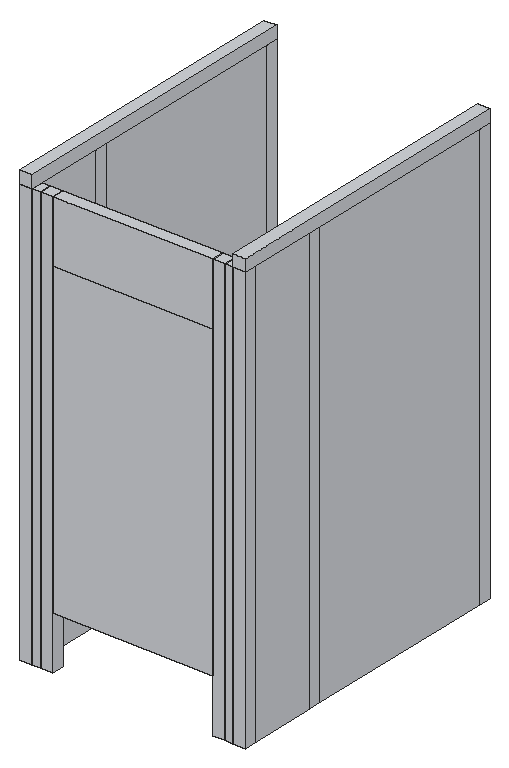
Revit family "TLWM Standard", category Specialty Equipment, Revit 2016
Family settings
  Part Type = Normal
  Round Connector Dimension = Use Diameter
  Work Plane-Based = No
  Always vertical = Yes
  Cut with Voids When Loaded = No
  Shared = No
  Room Calculation Point = No
Parameters
  Tall Version 108 [instance] = no
  System Height [instance] = if((Tall Version 108), 9' 0", 8' 0")  # 8' - 0"
  Starter [instance] = yes
  Short Version 96 [instance] = not(Tall Version 108)  # yes
  Flip Door Swing [instance] = no
Reference planes (in)
  plane 1 "Center (Front/Back)": y = 0
  plane 2: z = 0
  plane 3 "Center (Left/Right)": x = 0
  plane 4: y = 18
  plane 5: z = 96
  plane 6: x = -48
  plane 7: y = 66
Dimensions and locks (in)
  "System Height": plane 5 to plane 2
  plane 1 "Center (Front/Back)" to plane 4 to plane 7 = 1' - 6", 4' - 0"
  aligned and locked: level to plane 2
  aligned and locked: nested 2 to nested 3
  aligned and locked: nested 2 to plane 3 "Center (Left/Right)"
  aligned and locked: nested 3 to nested 2
  aligned and locked: nested 3 to plane 4
  aligned and locked: level to nested 2
  aligned and locked: nested 1 to level
  aligned and locked: nested 1 to plane 2
  aligned and locked: plane 2 to nested 3
  aligned and locked: nested 6 to nested 7
  aligned and locked: nested 7 to nested 6
  aligned and locked: level to nested 6
  aligned and locked: nested 5 to level
  aligned and locked: nested 7 to plane 4
  aligned and locked: nested 6 to plane 1 "Center (Front/Back)"
  aligned and locked: nested 6 to plane 6
  aligned and locked: plane 6 to nested 5
  aligned and locked: plane 3 "Center (Left/Right)" to nested 1
  aligned and locked: nested 2 to plane 1 "Center (Front/Back)"
  aligned and locked: nested 8 to nested 9
  aligned and locked: nested 9 to nested 8
  aligned and locked: level to nested 8
  aligned and locked: plane 7 to nested 9
  aligned and locked: nested 8 to plane 4
  aligned and locked: nested 10 to nested 11
  aligned and locked: nested 11 to nested 10
  aligned and locked: level to nested 10
  aligned and locked: plane 7 to nested 11
  aligned and locked: plane 7 to nested 8
  aligned and locked: nested 10 to plane 4
  aligned and locked: nested 10 to plane 6
  aligned and locked: plane 1 "Center (Front/Back)" to nested 12
  aligned and locked: nested 12 to plane 7
  aligned and locked: plane 3 "Center (Left/Right)" to nested 12
  aligned and locked: nested 13 to plane 7
  aligned and locked: plane 1 "Center (Front/Back)" to nested 13
  aligned and locked: plane 6 to nested 13
  aligned and locked: nested 4 to plane 6
Nested families (in)
  nested 1: "FRV2U Posts" at (0, 0, 0), Post Height <- "System Height", type "FRV2U Posts"
    with Post Height 8' - 0"
  nested 2: "FRV2P Panels" at (0, 0, 0) x (0, -1, 0) z (0, 0, 1), Panel Height <- "System Height", type "FRV2P Panels"
    with Panel Width 1' - 6", Panel Height 8' - 0"
  nested 3: "FRV2U Posts" at (0, 18, 0) x (0, -1, 0) z (0, 0, 1), Post Height <- "System Height", type "FRV2U Posts"
    with Post Height 8' - 0"
  nested 4: "FRV2PD Door" at (0, 0, 0), System Height <- "System Height", Right Hinge <- "Flip Door Swing", type "FRV2PD Door"
    with Upper Panel 1' - 2", System Height 8' - 0", Right Hinge no, Left Hinge yes
  nested 5: "FRV2U Posts" at (-48, 0, 0), Post Height <- "System Height", visible <- "Starter", type "FRV2U Posts"
    with Post Height 8' - 0"
  nested 6: "FRV2P Panels" at (-48, 0, 0) x (0, -1, 0) z (0, 0, 1), Panel Height <- "System Height", visible <- "Starter", type "FRV2P Panels"
    with Panel Width 1' - 6", Panel Height 8' - 0"
  nested 7: "FRV2U Posts" at (-48, 18, 0) x (0, -1, 0) z (0, 0, 1), Post Height <- "System Height", visible <- "Starter", type "FRV2U Posts"
    with Post Height 8' - 0"
  nested 8: "FRV2P Panels" at (0, 18, 0) x (0, -1, 0) z (0, 0, 1), Panel Height <- "System Height", type "FRV2P Panels"
    with Panel Width 4' - 0", Panel Height 8' - 0"
  nested 9: "FRV2U Posts" at (0, 66, 0) x (0, -1, 0) z (0, 0, 1), Post Height <- "System Height", type "FRV2U Posts"
    with Post Height 8' - 0"
  nested 10: "FRV2P Panels" at (-48, 18, 0) x (0, -1, 0) z (0, 0, 1), Panel Height <- "System Height", visible <- "Starter", type "FRV2P Panels"
    with Panel Width 4' - 0", Panel Height 8' - 0"
  nested 11: "FRV2U Posts" at (-48, 66, 0) x (0, -1, 0) z (0, 0, 1), Post Height <- "System Height", visible <- "Starter", type "FRV2U Posts"
    with Post Height 8' - 0"
  nested 12: "Family5" at (0, 0, 0), System Height <- "System Height", type "Family5"
    with Tube Height 8' - 2 3/4", System Height 8' - 0", Nominal Width 5' - 6"
  nested 13: "Family5" at (-48, 0, 0), System Height <- "System Height", visible <- "Starter", type "Family5"
    with Tube Height 8' - 2 3/4", System Height 8' - 0", Nominal Width 5' - 6"
Definition of nested family "FRV2U Posts"
  Parameters (values of type "FRV2U Posts")
    Post Height [instance] = 8' - 0"
  Reference planes (in)
    plane 1 "Center (Front/Back)": y = 0
    plane 2: z = 0
    plane 3 "Center (Left/Right)": x = 0
    plane 4: z = 96
  Forms (in)
    Extrusion 1, solid
      sketch origin (0, 0, 0) x (1, 0, 0) y (0, 1, 0)
        loop
          line (-1.375, 1.375) -> (-1.375, -1.375) -> (1.375, -1.375) -> (1.375, 1.375) -> (-1.375, 1.375)
      from 0 to 96
  Dimensions and locks (in)
    locked: Extrusion 1 to Extrusion 1 at 2.75  (x2)
    "Post Height": plane 4 to plane 2
    aligned and locked: level to plane 2
    aligned and locked: Extrusion 1 to plane 4
  Automatic sketch dimensions
    Extrusion 1 sketch curve to plane 3 "Center (Left/Right)" = 0' - 1 3/8"
    plane 3 "Center (Left/Right)" to Extrusion 1 sketch curve = 0' - 1 3/8"
    plane 1 "Center (Front/Back)" to Extrusion 1 sketch curve = 0' - 1 3/8"
    Extrusion 1 sketch curve to plane 1 "Center (Front/Back)" = 0' - 1 3/8"
Definition of nested family "FRV2P Panels"
  Parameters (values of type "FRV2P Panels")
    Panel Width [instance] = 4' - 0"
    Panel Height [instance] = 8' - 0"
  Reference planes (in)
    plane 1 "Center (Front/Back)": y = 0
    plane 2: z = 0
    plane 3 "Center (Left/Right)": x = 0
    plane 4: x = -48
    plane 5: z = 96
  Forms (in)
    Extrusion 1, solid
      sketch origin (4.89012, 0, 0) x (1, 0, 0) y (0, 1, 0)
        loop
          line (-6.26512, 1.375) -> (-51.51512, 1.375) -> (-51.51512, -1.375) -> (-6.26512, -1.375) -> (-6.26512, 1.375)
      from 0 to 96
  Dimensions and locks (in)
    locked: Extrusion 1 sketch curve to Extrusion 1 sketch curve at 2.75
    plane 1 "Center (Front/Back)" to Extrusion 1 sketch curve = 0' - 1 3/8"
    Extrusion 1 to Extrusion 1 = 3' - 9 1/4"
    "Panel Width": plane 4 to plane 3 "Center (Left/Right)"
    plane 4 to Extrusion 1 = 0' - 1 3/8"
    locked: plane 4 to Extrusion 1 sketch curve at 1.375
    locked: Extrusion 1 sketch curve to plane 3 "Center (Left/Right)" at 1.375
    "Panel Height": plane 5 to plane 2
    aligned and locked: level to plane 2
    aligned and locked: Extrusion 1 to plane 5
Definition of nested family "FRV2PD Door"
  Parameters (values of type "FRV2PD Door")
    System Height [instance] = 8' - 0"
    Upper Panel [instance] = System Height - 6' 10"  # 1' - 2"
    Right Hinge [instance] = no
    Left Hinge [instance] = not(Right Hinge)  # yes
  Reference planes (in)
    plane 1 "Center (Front/Back)": y = 0
    plane 2: z = 0
    plane 3 "Center (Left/Right)": x = 0
    plane 4: x = -48
    plane 5: z = 96
  Lines and regions (in)
    model lines, visible <- "Left Hinge"
      curve 1: line (-42, -1.375, 0) -> (-42, -37.375, 0)
      curve 2: arc (-42, -37.375, 0) -> (-16.54416, -26.83084, 0) -> (-6, -1.375, 0) r 36
    model lines, visible <- "Right Hinge"
      curve 3: line (-6, -1.375, 0) -> (-6, -37.375, 0)
      curve 4: arc (-6, -37.375, 0) -> (-31.45584, -26.83084, 0) -> (-42, -1.375, 0) r 36
  Dimensions and locks (in)
    nested 2 to plane 3 "Center (Left/Right)" = 0' - 4 5/8"
    nested 3 to nested 3 = 3' - 0"
    nested 4 to nested 3 = 3' - 2 3/4"
    nested 3 to plane 2 = 6' - 10"
    locked: nested 3 to plane 2 at 12
    "System Height": plane 5 to plane 2
    plane 4 to plane 3 "Center (Left/Right)" = 4' - 0"  (x2)
    plane 4 to nested 5 = 0' - 4 5/8"
    nested 5 to nested 3 = 3' - 2 3/4"
    aligned and locked: level to plane 2
    aligned and locked: nested 2 to nested 1
    aligned and locked: plane 4 to nested 5
    aligned and locked: nested 6 to nested 3
    aligned and locked: nested 2 to nested 3
    aligned and locked: nested 5 to nested 4
    aligned and locked: nested 3 to nested 4
    aligned and locked: nested 2 to nested 6
    aligned and locked: nested 5 to nested 6
  Automatic sketch dimensions
    plane 4 to curve 1 = 0' - 6"
    curve 3 to plane 3 "Center (Left/Right)" = 0' - 6"
    plane 1 "Center (Front/Back)" to curve 1 = 3' - 1 3/8"
    curve 1 to curve 3 = 0' - 0"
    plane 1 "Center (Front/Back)" to curve 2 = 0' - 1 3/8"
    curve 4 to curve 2 = 0' - 0"
    curve 3 to curve 4 = 0' - 0"
    curve 1 to curve 2 = 0' - 0"
  Nested families (in)
    nested 1: "FRV2P Panels" at (0, 0, 0), Panel Height <- "System Height", type "FRV2P Panels"
      with Panel Width 0' - 4 5/8", Panel Height 8' - 0"
    nested 2: "FRV2U Posts" at (-4.625, 0, 0), Post Height <- "System Height", type "FRV2U Posts"
      with Post Height 8' - 0"
    nested 3: "FRV2P Panels" at (-4.625, 0, 12), type "FRV2P Panels"
      with Panel Width 3' - 2 3/4", Panel Height 5' - 10"
    nested 4: "FRV2U Posts" at (-43.375, 0, 0), Post Height <- "System Height", type "FRV2U Posts"
      with Post Height 8' - 0"
    nested 5: "FRV2P Panels" at (-43.375, 0, 0), Panel Height <- "System Height", type "FRV2P Panels"
      with Panel Width 0' - 4 5/8", Panel Height 8' - 0"
    nested 6: "FRV2P Panels" at (-4.625, 0, 82), Panel Height <- "Upper Panel", type "FRV2P Panels"
      with Panel Width 3' - 2 3/4", Panel Height 1' - 2"
  Definition of nested family "FRV2P Panels"
    Parameters (values of type "FRV2P Panels")
      Panel Width [instance] = 4' - 0"
      Panel Height [instance] = 8' - 0"
    Reference planes (in)
      plane 1 "Center (Front/Back)": y = 0
      plane 2: z = 0
      plane 3 "Center (Left/Right)": x = 0
      plane 4: x = -48
      plane 5: z = 96
    Forms (in)
      Extrusion 1, solid
        sketch origin (4.89012, 0, 0) x (1, 0, 0) y (0, 1, 0)
          loop
            line (-6.26512, 1.375) -> (-51.51512, 1.375) -> (-51.51512, -1.375) -> (-6.26512, -1.375) -> (-6.26512, 1.375)
        from 0 to 96
    Dimensions and locks (in)
      locked: Extrusion 1 sketch curve to Extrusion 1 sketch curve at 2.75
      plane 1 "Center (Front/Back)" to Extrusion 1 sketch curve = 0' - 1 3/8"
      Extrusion 1 to Extrusion 1 = 3' - 9 1/4"
      "Panel Width": plane 4 to plane 3 "Center (Left/Right)"
      plane 4 to Extrusion 1 = 0' - 1 3/8"
      locked: plane 4 to Extrusion 1 sketch curve at 1.375
      locked: Extrusion 1 sketch curve to plane 3 "Center (Left/Right)" at 1.375
      "Panel Height": plane 5 to plane 2
      aligned and locked: level to plane 2
      aligned and locked: Extrusion 1 to plane 5
  Definition of nested family "FRV2U Posts"
    Parameters (values of type "FRV2U Posts")
      Post Height [instance] = 8' - 0"
    Reference planes (in)
      plane 1 "Center (Front/Back)": y = 0
      plane 2: z = 0
      plane 3 "Center (Left/Right)": x = 0
      plane 4: z = 96
    Forms (in)
      Extrusion 1, solid
        sketch origin (0, 0, 0) x (1, 0, 0) y (0, 1, 0)
          loop
            line (-1.375, 1.375) -> (-1.375, -1.375) -> (1.375, -1.375) -> (1.375, 1.375) -> (-1.375, 1.375)
        from 0 to 96
    Dimensions and locks (in)
      locked: Extrusion 1 to Extrusion 1 at 2.75  (x2)
      "Post Height": plane 4 to plane 2
      aligned and locked: level to plane 2
      aligned and locked: Extrusion 1 to plane 4
    Automatic sketch dimensions
      Extrusion 1 sketch curve to plane 3 "Center (Left/Right)" = 0' - 1 3/8"
      plane 3 "Center (Left/Right)" to Extrusion 1 sketch curve = 0' - 1 3/8"
      plane 1 "Center (Front/Back)" to Extrusion 1 sketch curve = 0' - 1 3/8"
      Extrusion 1 sketch curve to plane 1 "Center (Front/Back)" = 0' - 1 3/8"
Definition of nested family "Family5"
  Parameters (values of type "Family5")
    Tube Height [instance] = System Height + 0' 2 3/4"  # 4' - 2 3/4"
    System Height [instance] = 4' - 0"
    Nominal Width [instance] = 5' - 0"
  Reference planes (in)
    plane 1 "Center (Front/Back)": y = 0
    plane 2: z = 0
    plane 3 "Center (Left/Right)": x = 0
    plane 4: y = 60
  Forms (in)
    Extrusion 1, solid
      sketch origin (0, 0, 0) x (1, 0, 0) y (0, 1, 0)
        loop
          line (-1.375, 61.375) -> (-1.375, -1.375) -> (1.375, -1.375) -> (1.375, 61.375) -> (-1.375, 61.375)
      from 48 <- "System Height" to 50.75 <- "Tube Height"
  Dimensions and locks (in)
    "Nominal Width": plane 1 "Center (Front/Back)" to plane 4
    locked: plane 4 to Extrusion 1 sketch curve at 1.375
    Extrusion 1 sketch curve to Extrusion 1 sketch curve = 0' - 2 3/4"
    locked: Extrusion 1 sketch curve to plane 1 "Center (Front/Back)" at 1.375
    locked: Extrusion 1 sketch curve to Extrusion 1 sketch curve at 2.75
    aligned and locked: level to plane 2
  Automatic sketch dimensions
    Extrusion 1 sketch curve to plane 3 "Center (Left/Right)" = 0' - 1 3/8"
